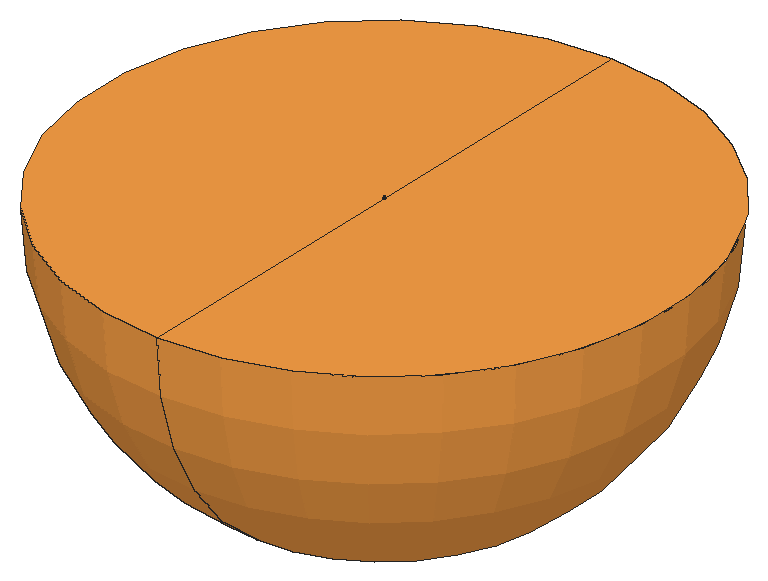
Revit family "Difusores abiertos para aplicaciones generales_Aguilera Extincion", category Rociadores, Revit 2017
Family settings
  Mantener orientación de anotación = No
  Cota de conector redondo = Radio de uso
  Tipo de pieza = Normal
  Número OmniClass = 23.65.70.17.11.24
  Título OmniClass = Fire Fighting Sprinkler Heads
  Se basa en plano de trabajo = Sí
  Siempre vertical = Sí
  Corte con vacíos al cargar = No
  Compartido = No
  Punto de cálculo de habitación = No
Parameters (values of type "Difusor abierto 7 toberas 120º -  2,8 a 35,7 l/min")
  Ángulo = 120.00°
  Zona de acción = yes
  URL = "http://aguilera.es/?productos=difusores-abiertos-de-agua-nebulizada"
  Símbolo texto modelo = yes
  Símbolo = yes
  Respuesta = Norma
  Orificio = Norma
  Nº Toberas = 6
  Modelo = "AN/CA120T7"
  Flujo máximo = 25.5 L/min
  Flujo = 2.0 L/min
  Fabricante = "Aguilera Electrónica"  # constant formula
  Default Elevation = 1219.2 mm
  Descripción = "Cabeza nebulizadora abierta para instalación en tubería seca, toberas montadas a 90º y 120º a un rango de caudales suficiente para cubrir una amplia gama de riesgos."  # constant formula
  Flujo mínimo = 2.0 L/min
  Cobertura = Norma
  Clase de presión = Norma
  90 = no
  120 = yes
Types (5, lengths in mm): name | Ángulo | Nº Toberas | Modelo | Flujo máximo | Flujo | Flujo mínimo | 90 | 120
  (no name) | 120.00° | 6 | "AN/CA120T7" | 25.5 L/min | 2.0 L/min | 2.0 L/min | no | yes
  Difusor abierto 4 toberas 90º - 1,6 a 20,4 l/min | 133.025° | 3 | "AN/CA90T4" | 20.4 L/min | 1.6 L/min | 1.6 L/min | yes | no
  Difusor abierto 5 toberas 120º -  2,0 a 25,5 l/min | 120.00° | 4 | "AN/CA120T5" | 25.5 L/min | 2.0 L/min | 2.0 L/min | no | yes
  Difusor abierto 5 toberas 90º - 2 a 25,5 l/min | 133.025° | 4 | "AN/CA90T5" | 25.5 L/min | 2.0 L/min | 2.0 L/min | yes | no
  Difusor abierto 7 toberas 120º -  2,8 a 35,7 l/min | 120.00° | 6 | "AN/CA120T7" | 25.5 L/min | 2.0 L/min | 2.0 L/min | no | yes
Reference planes
  plane 1 "Centro (Frontal/Posterior)": y = 0
  plane 2: z = 0
  plane 3 "Centro (Izquierda/Derecha)": x = 0
  plane 4: through (4267.2, 0, -48.641) normal (0, -0.866, 0.5)
  plane 5: z = -29
Forms (mm)
  Extrusion 1, solid, material "Acero inoxidable", detail levels fine
    sketch origin (0, 0, 0) x (1, 0, 0) y (0, 1, 0)
      loop
        line (2.88, 4.988) -> (-2.88, 4.988) -> (-5.76, 0) -> (-2.88, -4.988) -> (2.88, -4.988) -> (5.76, 0) -> (2.88, 4.988)
    from -32 to -29
  Extrusion 2, solid, material "Acero inoxidable"
    sketch origin (-289.747, -1524, -2) x (-1, 0, 0) y (0, -1, 0)
      loop
        circle (-289.747, -1524) r 8.5
    from 0 to 2
  Extrusion 3, solid, material "Acero inoxidable", detail levels fine
    sketch origin (-289.747, -1524, 2) x (-1, 0, 0) y (0, -1, 0)
      loop
        circle (-289.747, -1524) r 8
    from 0 to 3
  Extrusion 4, solid, material "Acero inoxidable", detail levels fine
    sketch origin (-289.747, -1524, 5) x (-1, 0, 0) y (0, -1, 0)
      loop
        circle (-289.747, -1524) r 8.724
    from 0 to 10
  Extrusion 5, solid, material "Acero inoxidable", detail levels fine
    sketch origin (-289.747, -1524, 15) x (-1, 0, 0) y (0, -1, 0)
      loop
        line (-293.595, -1531.555) -> (-285.899, -1531.555)
        arc (-285.899, -1531.555) -> (-280.799, -1524.165) -> (-285.385, -1516.445) r 8.319
        line (-285.385, -1516.445) -> (-294.109, -1516.445)
        arc (-294.109, -1516.445) -> (-298.696, -1524.165) -> (-293.595, -1531.555) r 8.319
    from 0 to 2.015
  Extrusion 6, solid, material "Acero inoxidable", detail levels fine
    sketch origin (-289.747, -1524, 17.015) x (-1, 0, 0) y (0, -1, 0)
      loop
        circle (-289.747, -1524) r 5
    from 0 to 5.241
  Revolve 7, solid, material "Acero inoxidable", detail levels fine
    sketch origin (0, 0, -30.37) x (0, 1, 0) y (0, 0, 1)
      loop
        line (0, 52.626) -> (0, 55.385) -> (-2.15, 55.385) -> (-5, 53.739) -> (-5, 52.626) -> (0, 52.626)
      axis (0, 55.385) -> (0, 52.626)
    angle from 0 to 360
  Revolve 8, solid, material "Goma", detail levels fine
    sketch origin (0, 0, -26.5) x (0, 1, 0) y (0, 0, 1)
      loop
        line (0, 28.5) -> (-9.003, 28.5)
        arc (-9.003, 28.5) -> (-10.003, 27.5) -> (-9.003, 26.5) r 1
        line (-9.003, 26.5) -> (0, 26.5) -> (0, 28.5)
      axis (0, 28.5) -> (0, 26.5)
    angle from 0 to 360
  Extrusion 9, solid, material "Acero inoxidable"
    sketch origin (-289.747, -1524, 36.5) x (-1, 0, 0) y (0, -1, 0)
      loop
        circle (-289.747, -1524) r 20
    from -50.5 to -38.5
  Extrusion 10, solid, material "Acero inoxidable", visible <- "90", detail levels fine
    sketch origin (4267.2, -7.293, -43.242) x (0, -0.682318, -0.731055) y (1, 0, 0)
      loop
        line (-36.366, -4264.319) -> (-36.366, -4270.079) -> (-31.378, -4272.959) -> (-26.389, -4270.079) -> (-26.389, -4264.319) -> (-31.378, -4261.439) -> (-36.366, -4264.319)
    from -3 to 0
  Revolve 11, solid, material "Acero inoxidable"
    sketch origin (0, 0, 0) x (0, 1, 0) y (0, 0, 1)
      loop
        line (20, -14) -> (0, -14) -> (0, -29) -> (11.34, -29) -> (20, -14)
      axis (0, -14) -> (0, -29)
    angle from 0 to 360
  Extrusion 12, solid, material "Acero inoxidable", visible <- "90", detail levels fine
    sketch origin (2127.287, -3699.148, -43.242) x (-0.590905, -0.341159, -0.731055) y (0.5, -0.866025, 0)
      loop
        line (-36.366, -4264.319) -> (-36.366, -4270.079) -> (-31.378, -4272.959) -> (-26.389, -4270.079) -> (-26.389, -4264.319) -> (-31.378, -4261.439) -> (-36.366, -4264.319)
    from -3 to 0
  Extrusion 13, solid, material "Acero inoxidable", visible <- "90", detail levels fine
    sketch origin (2139.913, 3691.855, -43.242) x (0.590905, -0.341159, -0.731055) y (0.5, 0.866025, 0)
      loop
        line (-36.366, -4264.319) -> (-36.366, -4270.079) -> (-31.378, -4272.959) -> (-26.389, -4270.079) -> (-26.389, -4264.319) -> (-31.378, -4261.439) -> (-36.366, -4264.319)
    from -3 to 0
  Extrusion 14, solid, material "Acero inoxidable", visible <- "120", detail levels fine
    sketch origin (4267.2, 0.093, -48.48) x (0, -0.5, -0.866025) y (1, 0, 0)
      loop
        line (-36.366, -4264.319) -> (-36.366, -4270.079) -> (-31.378, -4272.959) -> (-26.389, -4270.079) -> (-26.389, -4264.319) -> (-31.378, -4261.439) -> (-36.366, -4264.319)
    from -3 to 0
  Extrusion 15, solid, material "Acero inoxidable", visible <- "120", detail levels fine
    sketch origin (2133.68, -3695.457, -48.48) x (-0.433013, -0.25, -0.866025) y (0.5, -0.866025, 0)
      loop
        line (-36.366, -4264.319) -> (-36.366, -4270.079) -> (-31.378, -4272.959) -> (-26.389, -4270.079) -> (-26.389, -4264.319) -> (-31.378, -4261.439) -> (-36.366, -4264.319)
    from -3 to 0
  Extrusion 16, solid, material "Acero inoxidable", visible <- "120", detail levels fine
    sketch origin (2133.52, 3695.55, -48.48) x (0.433013, -0.25, -0.866025) y (0.5, 0.866025, 0)
      loop
        line (-36.366, -4264.319) -> (-36.366, -4270.079) -> (-31.378, -4272.959) -> (-26.389, -4270.079) -> (-26.389, -4264.319) -> (-31.378, -4261.439) -> (-36.366, -4264.319)
    from -3 to 0
  Extrusion 17, solid, material "Acero inoxidable", visible <- "90", detail levels fine
    sketch origin (-2127.284, 3699.15, -43.242) x (0.590905, 0.341159, -0.731055) y (-0.5, 0.866025, 0)
      loop
        line (-36.366, -4264.319) -> (-36.366, -4270.079) -> (-31.378, -4272.959) -> (-26.389, -4270.079) -> (-26.389, -4264.319) -> (-31.378, -4261.439) -> (-36.366, -4264.319)
    from -3 to 0
  Extrusion 18, solid, material "Acero inoxidable", visible <- "120", detail levels fine
    sketch origin (-2133.68, 3695.457, -48.48) x (0.433013, 0.25, -0.866025) y (-0.5, 0.866025, 0)
      loop
        line (-36.366, -4264.319) -> (-36.366, -4270.079) -> (-31.378, -4272.959) -> (-26.389, -4270.079) -> (-26.389, -4264.319) -> (-31.378, -4261.439) -> (-36.366, -4264.319)
    from -3 to 0
  Extrusion 19, solid, material "Acero inoxidable", visible <- "90", detail levels fine
    sketch origin (-4267.2, 7.293, -43.242) x (0, 0.682318, -0.731055) y (-1, 0, 0)
      loop
        line (-36.366, -4264.319) -> (-36.366, -4270.079) -> (-31.378, -4272.959) -> (-26.389, -4270.079) -> (-26.389, -4264.319) -> (-31.378, -4261.439) -> (-36.366, -4264.319)
    from -3 to 0
  Extrusion 20, solid, material "Acero inoxidable", visible <- "90", detail levels fine
    sketch origin (-2139.916, -3691.857, -43.242) x (-0.590905, 0.341159, -0.731055) y (-0.5, -0.866025, 0)
      loop
        line (-36.366, -4264.319) -> (-36.366, -4270.079) -> (-31.378, -4272.959) -> (-26.389, -4270.079) -> (-26.389, -4264.319) -> (-31.378, -4261.439) -> (-36.366, -4264.319)
    from -3 to 0
  Extrusion 21, solid, material "Acero inoxidable", visible <- "120", detail levels fine
    sketch origin (-4267.2, -0.093, -48.48) x (0, 0.5, -0.866025) y (-1, 0, 0)
      loop
        line (-36.366, -4264.319) -> (-36.366, -4270.079) -> (-31.378, -4272.959) -> (-26.389, -4270.079) -> (-26.389, -4264.319) -> (-31.378, -4261.439) -> (-36.366, -4264.319)
    from -3 to 0
  Extrusion 22, solid, material "Acero inoxidable", visible <- "120", detail levels fine
    sketch origin (-2133.52, -3695.55, -48.48) x (-0.433013, 0.25, -0.866025) y (-0.5, -0.866025, 0)
      loop
        line (-36.366, -4264.319) -> (-36.366, -4270.079) -> (-31.378, -4272.959) -> (-26.389, -4270.079) -> (-26.389, -4264.319) -> (-31.378, -4261.439) -> (-36.366, -4264.319)
    from -3 to 0
  Revolve 23, solid, material "Zona de acción", visible <- "Zona de acción"
    sketch origin (0, 0, 0) x (0, 1, 0) y (0, 0, 1)
      loop
        line (0, 0) -> (-4000, 0)
        arc (-4000, 0) -> (-2828.427, -2828.427) -> (0, -4000) r 4000
        line (0, -4000) -> (0, 0)
      axis (0, 0) -> (0, -4000)
    angle from 0 to 360
Dimensions and locks
  "Ángulo": angle plane 4 to Revolve 11
  aligned and locked: level to plane 2
  aligned and locked: level to Extrusion 2
  aligned and locked: plane 1 "Centro (Frontal/Posterior)" to Revolve 11 sketch curve
  aligned and locked: Revolve 11 sketch curve to plane 5
Automatic sketch dimensions
  plane 1 "Centro (Frontal/Posterior)" to Extrusion 1 sketch curve = 0 mm  (x2)
  Extrusion 1 sketch curve to plane 3 "Centro (Izquierda/Derecha)" = 5.76 mm
  Extrusion 1 sketch curve to plane 3 "Centro (Izquierda/Derecha)" = 2.88 mm  (x2)
  plane 3 "Centro (Izquierda/Derecha)" to Extrusion 1 sketch curve = 2.88 mm  (x2)
  Extrusion 1 sketch curve to Extrusion 1 sketch curve = 2.88 mm
  plane 1 "Centro (Frontal/Posterior)" to Extrusion 1 sketch curve = 4.988 mm
  Extrusion 1 sketch curve to plane 1 "Centro (Frontal/Posterior)" = 4.988 mm
  plane 1 "Centro (Frontal/Posterior)" to Extrusion 2 sketch curve = 0 mm
  Extrusion 2 sketch curve to plane 3 "Centro (Izquierda/Derecha)" = 0 mm
  plane 1 "Centro (Frontal/Posterior)" to Extrusion 3 sketch curve = 0 mm
  Extrusion 3 sketch curve to plane 3 "Centro (Izquierda/Derecha)" = 0 mm
  plane 1 "Centro (Frontal/Posterior)" to Extrusion 4 sketch curve = 0 mm
  Extrusion 4 sketch curve to plane 3 "Centro (Izquierda/Derecha)" = 0 mm
  plane 3 "Centro (Izquierda/Derecha)" to Extrusion 5 sketch curve = 4.362 mm
  plane 3 "Centro (Izquierda/Derecha)" to Extrusion 5 sketch curve = 3.848 mm
  plane 1 "Centro (Frontal/Posterior)" to Extrusion 5 sketch curve = 0.118 mm
  plane 3 "Centro (Izquierda/Derecha)" to Extrusion 5 sketch curve = 0.634 mm
  Extrusion 5 sketch curve to plane 3 "Centro (Izquierda/Derecha)" = 0.634 mm
  Extrusion 5 sketch curve to plane 3 "Centro (Izquierda/Derecha)" = 3.848 mm
  Extrusion 5 sketch curve to plane 3 "Centro (Izquierda/Derecha)" = 4.362 mm
  Extrusion 5 sketch curve to plane 1 "Centro (Frontal/Posterior)" = 7.555 mm
  plane 1 "Centro (Frontal/Posterior)" to Extrusion 6 sketch curve = 0 mm
  Extrusion 6 sketch curve to plane 3 "Centro (Izquierda/Derecha)" = 0 mm
  Revolve 7 sketch curve to plane 1 "Centro (Frontal/Posterior)" = 0 mm  (x2)
  Revolve 7 sketch curve to Revolve 7 sketch curve = 2.15 mm
  Revolve 7 sketch curve to Revolve 7 sketch curve = 2.85 mm
  level to Revolve 7 sketch curve = 22.256 mm
  Revolve 7 sketch curve to Revolve 7 sketch curve = 1.114 mm
  Revolve 7 sketch curve to Revolve 7 sketch curve = 2.759 mm
  Revolve 7 sketch curve to Revolve 7 sketch curve = 3.994 mm
  Revolve 7 sketch curve to Revolve 7 sketch curve = 2.611 mm
  Revolve 8 sketch curve to level = 0 mm
  Revolve 8 sketch curve to plane 1 "Centro (Frontal/Posterior)" = 0 mm  (x2)
  Revolve 8 sketch curve to Revolve 8 sketch curve = 9.003 mm
  Revolve 8 sketch curve to Revolve 8 sketch curve = 1 mm
  Revolve 8 sketch curve to Revolve 8 sketch curve = 1.206 mm
  Revolve 8 sketch curve to Revolve 8 sketch curve = 1.932 mm
  plane 1 "Centro (Frontal/Posterior)" to Extrusion 9 sketch curve = 0 mm
  Extrusion 9 sketch curve to plane 3 "Centro (Izquierda/Derecha)" = 0 mm
  Revolve 11 sketch curve to plane 1 "Centro (Frontal/Posterior)" = 0 mm
  Revolve 11 sketch curve to plane 4 = 0 mm  (x3)
  Revolve 11 sketch curve to level = 14 mm
  Revolve 11 sketch curve to Revolve 11 sketch curve = 7 mm
  Extrusion 10 sketch curve to Extrusion 10 sketch curve = 4.988 mm  (x3)
  Extrusion 10 sketch curve to Extrusion 10 sketch curve = 2.88 mm  (x3)
  Extrusion 10 sketch curve to Extrusion 10 sketch curve = 5.76 mm  (x2)
  Extrusion 12 sketch curve to Extrusion 12 sketch curve = 4.988 mm  (x3)
  Extrusion 12 sketch curve to Extrusion 12 sketch curve = 2.88 mm  (x3)
  Extrusion 12 sketch curve to Extrusion 12 sketch curve = 5.76 mm  (x2)
  Extrusion 13 sketch curve to Extrusion 13 sketch curve = 4.988 mm  (x3)
  Extrusion 13 sketch curve to Extrusion 13 sketch curve = 2.88 mm  (x3)
  Extrusion 13 sketch curve to Extrusion 13 sketch curve = 5.76 mm  (x2)
  Extrusion 14 sketch curve to Extrusion 14 sketch curve = 4.988 mm  (x3)
  Extrusion 14 sketch curve to Extrusion 14 sketch curve = 2.88 mm  (x3)
  Extrusion 14 sketch curve to Extrusion 14 sketch curve = 5.76 mm  (x2)
  Extrusion 15 sketch curve to Extrusion 15 sketch curve = 4.988 mm  (x3)
  Extrusion 15 sketch curve to Extrusion 15 sketch curve = 2.88 mm  (x3)
  Extrusion 15 sketch curve to Extrusion 15 sketch curve = 5.76 mm  (x2)
  Extrusion 16 sketch curve to Extrusion 16 sketch curve = 4.988 mm  (x3)
  Extrusion 16 sketch curve to Extrusion 16 sketch curve = 2.88 mm  (x3)
  Extrusion 16 sketch curve to Extrusion 16 sketch curve = 5.76 mm  (x2)
  Extrusion 17 sketch curve to Extrusion 17 sketch curve = 4.988 mm  (x3)
  Extrusion 17 sketch curve to Extrusion 17 sketch curve = 2.88 mm  (x3)
  Extrusion 17 sketch curve to Extrusion 17 sketch curve = 5.76 mm  (x2)
  Extrusion 18 sketch curve to Extrusion 18 sketch curve = 4.988 mm  (x3)
  Extrusion 18 sketch curve to Extrusion 18 sketch curve = 2.88 mm  (x3)
  Extrusion 18 sketch curve to Extrusion 18 sketch curve = 5.76 mm  (x2)
  Extrusion 19 sketch curve to Extrusion 19 sketch curve = 4.988 mm  (x3)
  Extrusion 19 sketch curve to Extrusion 19 sketch curve = 2.88 mm  (x3)
  Extrusion 19 sketch curve to Extrusion 19 sketch curve = 5.76 mm  (x2)
  Extrusion 20 sketch curve to Extrusion 20 sketch curve = 4.988 mm  (x3)
  Extrusion 20 sketch curve to Extrusion 20 sketch curve = 2.88 mm  (x3)
  Extrusion 20 sketch curve to Extrusion 20 sketch curve = 5.76 mm  (x2)
  Extrusion 21 sketch curve to Extrusion 21 sketch curve = 4.988 mm  (x3)
  Extrusion 21 sketch curve to Extrusion 21 sketch curve = 2.88 mm  (x3)
  Extrusion 21 sketch curve to Extrusion 21 sketch curve = 5.76 mm  (x2)
  Extrusion 22 sketch curve to Extrusion 22 sketch curve = 4.988 mm  (x3)
  Extrusion 22 sketch curve to Extrusion 22 sketch curve = 2.88 mm  (x3)
  Extrusion 22 sketch curve to Extrusion 22 sketch curve = 5.76 mm  (x2)
  Revolve 23 sketch curve to level = 0 mm
  Revolve 23 sketch curve to plane 1 "Centro (Frontal/Posterior)" = 0 mm  (x2)
  Revolve 23 sketch curve to Revolve 23 sketch curve = 4000 mm
  Revolve 23 sketch curve to plane 5 = 151.654 mm
  level to Revolve 23 sketch curve = 180 mm
  radius of Extrusion 2 sketch curve = 8.5 mm
  radius of Extrusion 3 sketch curve = 8 mm
  radius of Extrusion 4 sketch curve = 8.724 mm
  radius of Extrusion 6 sketch curve = 5 mm
  radius of Extrusion 9 sketch curve = 20 mm
Nested families
  nested 1: "S_Difusor abierto_Aguilera Extinción" at (0, 0, 0), visible <- "Símbolo", type "S_Difusor abierto_Aguilera Extinción", detail levels coarse
Connectors
  piping at (0, 0, 0), diameter 20, driven by "Flujo"
    settings: on Extrusion 2, index 1, connector inside diameter 609.6 mm, connector length 0 mm, flow factor 0, pipe flow 2.0 L/min, pressure drop 0.0 Pa, fitting loss kfactor 0, connector angle 0.00°, fixture units 0, engagement length 0 mm, angle of deflection 0.00°, flow configuration 0, flow direction 1, fitting loss method 0, system type 24, joint type 0, gender type 0, connector reference index -1, connector utility 0, adjustable connector no, is connector primary yes, connector description ""
Definition of nested family "S_Difusor abierto_Aguilera Extinción"
  Parameters (values of type "S_Difusor abierto_Aguilera Extinción")
    Texto símbolo = "Difusor abierto"
    Texto modelo = yes
    Modelo = "Difusor abierto"
  Reference planes
    plane 1: y = 0
    plane 2: x = 0
  Lines and regions (mm)
    detail lines
      curve 1: circle (0, 0, 0) r 1.49 normal (0, 0, 1)
      curve 2: line (1.699, 0, 0) -> (2.813, 0, 0)
      curve 3: line (1.201, 1.201, 0) -> (1.989, 1.989, 0)
      curve 4: line (0, 1.699, 0) -> (0, 2.813, 0)
      curve 5: line (-1.699, 0, 0) -> (-2.813, 0, 0)
      curve 6: line (-1.201, 1.201, 0) -> (-1.989, 1.989, 0)
      curve 7: line (1.201, -1.201, 0) -> (1.989, -1.989, 0)
      curve 8: line (0, -1.699, 0) -> (0, -2.813, 0)
      curve 9: line (-1.201, -1.201, 0) -> (-1.989, -1.989, 0)
  Text (mm)
    label "Texto símbolo" at (-0.164, 4.036, 0), shows "Texto símbolo", visible <- "Texto modelo"
    label "Modelo" at (-0.164, -4.339, 0), shows "Modelo", visible <- "Texto modelo"
